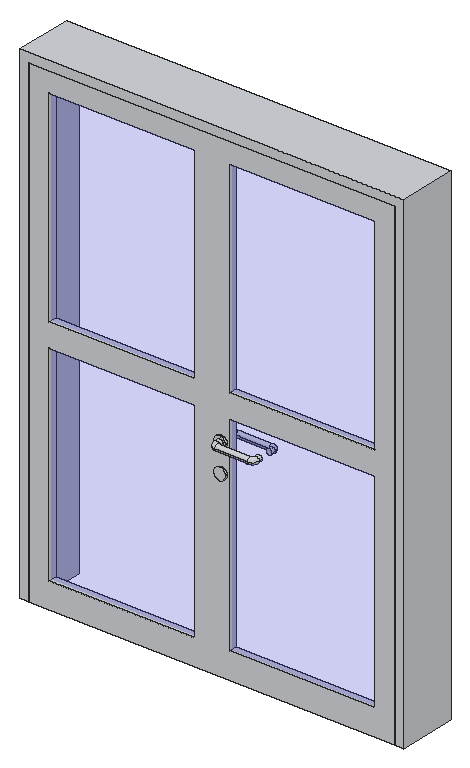
Revit family "Porta de entrada dupla sem revestimento", category Portas, Revit 2019
Family settings
  Hospedeiro = Parede
  Número OmniClass = 23.30.10.00
  Título OmniClass = Doors
  Sempre na vertical = Sim
  Corte com vazios quando carregada = Não
  Compartilhado = Não
  Ponto de cálculo do ambiente = Não
Parameters (values of type "1640 x 2100mm")
  W2 = Width / 2  # 820 mm
  W1 = Width - 2 * Largura da estrutura + 20 mm  # 1560 mm
  Visual Light Transmittance = 0
  Espessura = 35 mm
  Solar Heat Gain Coefficient = 0
  Rough Width = Width  # 1640 mm
  Rough Height = Height  # 2100 mm
  Material do painel = none
  Largura da moldura do painel = 75 mm
  ID do tipo de construção = ""
  Coeficiente de transferência de calor (U) = 3.7021 W/(m²·K)
  Material do puxador = none
  Vidro = none
  Função = Exterior
  Largura da estrutura = 50 mm
  Height = 2100 mm
  Fechamento da parede = Por hospedeiro
  Width = 1640 mm
  Material da moldura = none
  Construção analítica = Metal
Types (5, lengths in mm): name | W2 | W1 | Rough Width | Width
  (no name) | 820 | 1560 | 1640 | 1640
  1840 x 2100mm | 920 | 1760 | 1840 | 1840
  1640 x 2100mm | 820 | 1560 | 1640 | 1640
  1440 x 2100mm | 720 | 1360 | 1440 | 1440
  1240 x 2100mm | 620 | 1160 | 1240 | 1240
Reference planes
  plane 1 "Centro (Frente/Trás)": y = 0
  plane 2 "Centro (Esquerda/Direita)": x = 0
  plane 3 "Esquerda": x = -820
  plane 4 "Direita": x = 820
  plane 5: z = 2100
  plane 6 "Exterior": y = 125
  plane 7 "Interior": y = -125
  plane 8: z = 1050
  plane 9: z = 0
  plane 10: z = 1100
  plane 11: z = 1000
  plane 12: y = -90
  plane 13: z = 110
  plane 14: x = 695
  plane 15: x = -695
  plane 16: x = 770
  plane 17: x = -770
  plane 18: z = 1975
  plane 19: x = 735
  plane 20 "Vidro": y = -107.5
  plane 21: z = 2015
  plane 22: x = -735
  plane 23: z = 1060
  plane 24: z = 1040
  plane 25: z = 70
  plane 26: z = 2050
  plane 27: x = 745
  plane 28: x = -745
  plane 29: z = 2025
  plane 30: z = 1025
  plane 31: x = -732.5
  plane 32: x = -75
  plane 33: x = 75
  plane 34: z = 900
Forms (mm)
  Extrusion 1, solid, material <- "Material do painel", detail levels medium
    sketch origin (0, -125, 0) x (1, 0, 0) y (0, 0, 1)
      loop
        line (770, 2050) -> (-770, 2050) -> (-770, 0) -> (770, 0) -> (770, 2050)
      loop
        line (695, 1975) -> (75, 1975) -> (75, 1100) -> (695, 1100) -> (695, 1975)
      loop
        line (695, 110) -> (695, 1000) -> (75, 1000) -> (75, 110) -> (695, 110)
      loop
        line (-695, 1975) -> (-695, 1100) -> (-75, 1100) -> (-75, 1975) -> (-695, 1975)
      loop
        line (-695, 110) -> (-75, 110) -> (-75, 1000) -> (-695, 1000) -> (-695, 110)
    from -35 to 0
  Extrusion 2, solid, material <- "Vidro", detail levels medium+fine
    sketch origin (0, -107.5, 0) x (-1, 0, 0) y (0, 0, 1)
      loop
        line (735, 70) -> (735, 1040) -> (-735, 1040) -> (-735, 70) -> (735, 70)
      loop
        line (735, 1060) -> (735, 2015) -> (-735, 2015) -> (-735, 1060) -> (735, 1060)
    from -7 to 7
  Extrusion 3, solid, material <- "Vidro", detail levels fine
    sketch origin (0, -107.5, 0) x (-1, 0, 0) y (0, 0, 1)
      loop
        line (735, 70) -> (735, 1040) -> (-735, 1040) -> (-735, 70) -> (735, 70)
      loop
        line (735, 1060) -> (735, 2015) -> (-735, 2015) -> (-735, 1060) -> (735, 1060)
    from -7 to 7
  Extrusion 4, solid, material <- "Material do painel", detail levels coarse
    sketch origin (0, -125, 0) x (1, 0, 0) y (0, 0, 1)
      loop
        line (820, 2100) -> (-820, 2100) -> (-820, 0) -> (820, 0) -> (820, 2100)
      loop
        line (-75, 2025) -> (-745, 2025) -> (-745, 1100) -> (-75, 1100) -> (-75, 2025)
      loop
        line (745, 110) -> (745, 1000) -> (75, 1000) -> (75, 110) -> (745, 110)
      loop
        line (-745, 110) -> (-75, 110) -> (-75, 1000) -> (-745, 1000) -> (-745, 110)
      loop
        line (745, 1100) -> (745, 2025) -> (75, 2025) -> (75, 1100) -> (745, 1100)
    from -35 to 0
  Extrusion 5, solid, material <- "Vidro", detail levels coarse
    sketch origin (0, -107.5, 0) x (-1, 0, 0) y (0, 0, 1)
      loop
        line (745, 70) -> (745, 1040) -> (-745, 1040) -> (-745, 70) -> (745, 70)
      loop
        line (745, 1060) -> (745, 2025) -> (-745, 2025) -> (-745, 1060) -> (745, 1060)
    from -7 to 7
  Sweep 6, solid, material <- "Material da moldura", detail levels medium
    path origin (0, -125, 0) x (1, 0, 0) y (0, 0, 1)
      loop
        line (-820, 0) -> (-820, 2100) -> (820, 2100) -> (820, 0)
    profile origin (820, -125, 1050) x (0, -1, 0) y (1, 0, 0)
      loop
        line (-250, -50) -> (0, -50) -> (0, 0) -> (-250, 0) -> (-250, -50)
  Sweep 7, solid, material <- "Material da moldura", detail levels fine
    path origin (0, -125, 0) x (1, 0, 0) y (0, 0, 1)
      loop
        line (-820, 0) -> (-820, 2100) -> (820, 2100) -> (820, 0)
    profile origin (820, -125, 1050) x (0, -1, 0) y (1, 0, 0)
      loop
        line (-250, -50) -> (-38, -50) -> (-38, -40) -> (0, -40) -> (0, 0) -> (-250, 0) -> (-250, -50)
  Extrusion 8, solid, material <- "Material do painel", detail levels fine
    sketch origin (0, -125, 0) x (1, 0, 0) y (0, 0, 1)
      loop
        line (780, 2060) -> (-780, 2060) -> (-780, 0) -> (780, 0) -> (780, 2060)
      loop
        line (695, 1975) -> (75, 1975) -> (75, 1100) -> (695, 1100) -> (695, 1975)
      loop
        line (695, 110) -> (695, 1000) -> (75, 1000) -> (75, 110) -> (695, 110)
      loop
        line (-695, 1975) -> (-695, 1100) -> (-75, 1100) -> (-75, 1975) -> (-695, 1975)
      loop
        line (-695, 110) -> (-75, 110) -> (-75, 1000) -> (-695, 1000) -> (-695, 110)
    from -35 to 0
Lines and regions (mm)
  Opening 1
    outline origin (-3050, -125, 0) x (1, 0, 0) y (0, 0, 1)
      loop
        line (2230, 0) -> (3870, 0) -> (3870, 2100) -> (2230, 2100) -> (2230, 0)
  symbolic lines, style "DoorsGlassProjection", detail levels medium
    curve 1: line (0, -107.5, 1975) -> (0, -107.5, 1100)
    curve 6: line (0, -107.5, 1000) -> (0, -107.5, 110)
  symbolic lines, style "DoorsGlassProjection", detail levels fine
    curve 2: line (0, -114.5, 1975) -> (0, -114.5, 1100)
    curve 3: line (0, -100.5, 1975) -> (0, -100.5, 1100)
    curve 4: line (0, -114.5, 1000) -> (0, -114.5, 110)
    curve 5: line (0, -100.5, 1000) -> (0, -100.5, 110)
  symbolic lines, style "Giro da elevação", detail levels coarse
    curve 7: line (-820, -107.5, 1050) -> (0, -107.5, 2100)
    curve 8: line (0, -107.5, 2100) -> (820, -107.5, 1050)
    curve 9: line (820, -107.5, 1050) -> (0, -107.5, 0)
    curve 10: line (0, -107.5, 0) -> (-820, -107.5, 1050)
  symbolic lines, style "Giro da elevação", detail levels medium+fine
    curve 11: line (-770, -107.5, 1025) -> (0, -107.5, 2050)
    curve 12: line (0, -107.5, 2050) -> (770, -107.5, 1025)
    curve 13: line (770, -107.5, 1025) -> (0, -107.5, 0)
    curve 14: line (0, -107.5, 0) -> (-770, -107.5, 1025)
  model lines, detail levels coarse
    curve 15: line (0, -125, 2100) -> (0, -125, 0)
    curve 18: line (0, -90, 2100) -> (0, -90, 0)
  model lines, detail levels fine
    curve 16: line (0, -125, 2060) -> (0, -125, 0)
  model lines, detail levels medium
    curve 17: line (0, -125, 2050) -> (0, -125, 0)
  model lines, detail levels medium+fine
    curve 19: line (0, -90, 2060) -> (0, -90, 0)
Text (mm)
  text "Externo" at (-2295.016, 1099.543, 0), in view "Nível de referência"
  text "Externo" at (0, 1615.38, 3698.081), in view "Esquerda"
  text "Externo" at (0, 1036.032, 3874.932), in view "Direita"
Dimensions and locks
  equal spacing: plane 3 "Esquerda", plane 2 "Centro (Esquerda/Direita)", plane 4 "Direita"
  "Width": plane 3 "Esquerda" to plane 4 "Direita"
  "Height": host wall to plane 5
  host wall to plane 5 = 2100 mm
  locked: plane 6 "Exterior" to host wall at 0
  locked: plane 7 "Interior" to host wall
  equal spacing: plane 9, plane 8, plane 5
  equal spacing: plane 11, plane 8, plane 10
  locked: plane 11 to plane 10 at 100
  "Espessura": plane 12 to plane 7 "Interior"
  locked: plane 9 to plane 13 at 110
  "Largura da estrutura": plane 16 to plane 4 "Direita"
  "Largura da estrutura": plane 3 "Esquerda" to plane 17
  locked: plane 14 to plane 19 at 40
  equal spacing: plane 12, plane 20 "Vidro", plane 7 "Interior"
  locked: plane 22 to plane 15 at 40
  plane 7 "Interior" to plane 6 "Exterior" = 250 mm
  "Largura da estrutura": plane 5 to plane 26
  locked: plane 18 to plane 21 at 40
  locked: plane 23 to plane 10 at 40
  locked: plane 11 to plane 24 at 40
  equal spacing: curve 3, plane 20 "Vidro", curve 2
  locked: curve 3 to curve 2 at 14
  "Largura da moldura do painel": plane 17 to plane 15
  "Largura da moldura do painel": plane 14 to plane 16
  "Largura da moldura do painel": plane 18 to plane 26
  locked: plane 25 to plane 13 at 40
  "Largura da moldura do painel": plane 27 to plane 4 "Direita"
  "Largura da moldura do painel": plane 3 "Esquerda" to plane 28
  "Largura da moldura do painel": plane 29 to plane 5
  equal spacing: plane 9, plane 30, plane 26
  plane 9 to nested 1 = 900 mm
  equal spacing: plane 17, plane 31, plane 15
  locked: plane 16 to Sweep 7 sketch curve at 10
  locked: Sweep 7 sketch curve to plane 12 at 3
  "Largura da moldura do painel": plane 2 "Centro (Esquerda/Direita)" to plane 32
  "Largura da moldura do painel": plane 33 to plane 2 "Centro (Esquerda/Direita)"
  locked: plane 34 to plane 9 at 900
  aligned and locked: plane 3 "Esquerda" to Opening 1 sketch curve
  aligned and locked: plane 5 to Opening 1 sketch curve  (x2)
  aligned and locked: Opening 1 sketch curve to plane 4 "Direita"
  aligned and locked: Opening 1 sketch curve to level
  aligned and locked: plane 1 "Centro (Frente/Trás)" to host wall
  aligned and locked: level to plane 9
  aligned and locked: plane 7 "Interior" to Extrusion 1
  aligned and locked: plane 12 to Extrusion 1
  aligned and locked: Extrusion 1 sketch curve to plane 18
  aligned and locked: Extrusion 1 sketch curve to plane 14  (x2)
  aligned and locked: Extrusion 1 sketch curve to plane 15  (x2)
  aligned and locked: Extrusion 1 sketch curve to plane 10
  aligned and locked: Extrusion 1 sketch curve to plane 11
  aligned and locked: plane 13 to Extrusion 1 sketch curve
  aligned and locked: Extrusion 2 sketch curve to plane 25
  aligned and locked: plane 22 to Extrusion 2 sketch curve  (x2)
  aligned and locked: Extrusion 2 sketch curve to plane 24
  aligned and locked: plane 19 to Extrusion 2 sketch curve  (x2)
  aligned and locked: Extrusion 2 sketch curve to plane 23
  aligned and locked: Extrusion 2 sketch curve to plane 21
  aligned and locked: plane 9 to Extrusion 1 sketch curve
  aligned: plane 8 to nested 1
  aligned: nested 1 to plane 19
  aligned and locked: plane 20 "Vidro" to curve 1
  aligned and locked: Extrusion 3 sketch curve to plane 22  (x2)
  aligned and locked: Extrusion 1 sketch curve to plane 16
  aligned and locked: Extrusion 1 sketch curve to plane 17
  aligned and locked: Extrusion 1 sketch curve to plane 26
  aligned and locked: plane 4 "Direita" to Extrusion 4 sketch curve
  aligned and locked: plane 27 to Extrusion 4 sketch curve  (x2)
  aligned and locked: plane 5 to Extrusion 4 sketch curve
  aligned and locked: plane 29 to Extrusion 4 sketch curve
  aligned and locked: Extrusion 4 sketch curve to plane 3 "Esquerda"
  aligned and locked: plane 28 to Extrusion 4 sketch curve  (x2)
  aligned and locked: plane 27 to Extrusion 5 sketch curve  (x2)
  aligned and locked: plane 29 to Extrusion 5 sketch curve
  aligned and locked: plane 28 to Extrusion 5 sketch curve  (x2)
  aligned and locked: nested 2 to plane 7 "Interior"
  aligned and locked: nested 2 to plane 4 "Direita"
  aligned and locked: plane 4 "Direita" to Sweep 6 sketch curve  (x2)
  aligned and locked: plane 5 to Sweep 6 sketch curve
  aligned and locked: plane 3 "Esquerda" to Sweep 6 sketch curve
  aligned and locked: plane 6 "Exterior" to Sweep 6 sketch curve
  aligned and locked: Sweep 6 sketch curve to plane 7 "Interior"
  aligned and locked: plane 16 to Sweep 6 sketch curve
  aligned and locked: plane 4 "Direita" to Sweep 7 sketch curve  (x2)
  aligned and locked: plane 5 to Sweep 7 sketch curve
  aligned and locked: plane 3 "Esquerda" to Sweep 7 sketch curve
  aligned and locked: plane 6 "Exterior" to Sweep 7 sketch curve
  aligned and locked: plane 16 to Sweep 7 sketch curve
  aligned and locked: Sweep 7 sketch curve to plane 7 "Interior"
  aligned and locked: Extrusion 8 sketch curve to Sweep 7  (x3)
  aligned and locked: plane 7 "Interior" to nested 3
  aligned and locked: Extrusion 8 to nested 3
  aligned and locked: Extrusion 4 sketch curve to plane 32
  aligned and locked: Extrusion 4 sketch curve to plane 33
  aligned and locked: Extrusion 4 sketch curve to plane 29
  aligned and locked: Extrusion 8 sketch curve to plane 32  (x2)
  aligned and locked: Extrusion 8 sketch curve to plane 33  (x2)
  aligned and locked: Extrusion 1 sketch curve to plane 32  (x2)
  aligned and locked: Extrusion 1 sketch curve to plane 33  (x2)
  aligned and locked: plane 10 to Extrusion 1 sketch curve
  aligned and locked: plane 11 to Extrusion 1 sketch curve
  aligned and locked: Extrusion 1 sketch curve to plane 13
  aligned and locked: nested 1 to plane 34
  aligned and locked: nested 1 to plane 20 "Vidro"
  aligned and locked: plane 8 to curve 10
  aligned and locked: plane 3 "Esquerda" to curve 10
  aligned and locked: plane 5 to curve 8
  aligned and locked: plane 2 "Centro (Esquerda/Direita)" to curve 8
  aligned and locked: plane 8 to curve 9
  aligned and locked: plane 4 "Direita" to curve 9
  aligned and locked: plane 30 to curve 14
  aligned and locked: plane 17 to curve 14
  aligned and locked: plane 2 "Centro (Esquerda/Direita)" to curve 12
  aligned and locked: plane 30 to curve 13
  aligned and locked: plane 16 to curve 13
  aligned and locked: plane 9 to curve 14
  aligned and locked: plane 2 "Centro (Esquerda/Direita)" to curve 14
  aligned and locked: plane 5 to curve 15
  aligned and locked: plane 9 to curve 15
  aligned and locked: curve 15 to plane 2 "Centro (Esquerda/Direita)"
  aligned and locked: Extrusion 8 to curve 16
  aligned and locked: curve 16 to plane 2 "Centro (Esquerda/Direita)"
  aligned and locked: Sweep 6 to curve 12
  aligned and locked: Sweep 6 to curve 17
  aligned and locked: plane 5 to curve 18
  aligned and locked: Extrusion 8 to curve 19
  aligned and locked: plane 9 to curve 19
  aligned and locked: plane 9 to curve 18
  aligned and locked: plane 2 "Centro (Esquerda/Direita)" to curve 19
  aligned and locked: plane 2 "Centro (Esquerda/Direita)" to curve 18
  aligned and locked: Extrusion 8 to plane 12
  aligned and locked: Extrusion 4 to plane 12
  aligned and locked: plane 18 to curve 1
Automatic sketch dimensions
  plane 19 to Extrusion 3 sketch curve = 0 mm  (x2)
  Extrusion 3 sketch curve to plane 25 = 0 mm
  Extrusion 3 sketch curve to plane 24 = 0 mm
  Extrusion 3 sketch curve to plane 23 = 0 mm
  Extrusion 3 sketch curve to plane 21 = 0 mm
  Extrusion 4 sketch curve to plane 11 = 0 mm  (x2)
  Extrusion 4 sketch curve to plane 32 = 0 mm
  plane 33 to Extrusion 4 sketch curve = 0 mm
  Extrusion 4 sketch curve to level = 0 mm
  Extrusion 4 sketch curve to plane 13 = 0 mm  (x2)
  Extrusion 4 sketch curve to plane 10 = 0 mm  (x2)
  Extrusion 5 sketch curve to plane 25 = 0 mm
  Extrusion 5 sketch curve to plane 24 = 0 mm
  Extrusion 5 sketch curve to plane 23 = 0 mm
  Sweep 6 sketch curve to level = 0 mm  (x2)
  Sweep 7 sketch curve to level = 0 mm  (x2)
  Extrusion 8 sketch curve to plane 10 = 0 mm  (x2)
  plane 15 to Extrusion 8 sketch curve = 0 mm  (x2)
  Extrusion 8 sketch curve to plane 11 = 0 mm  (x2)
  Extrusion 8 sketch curve to plane 14 = 0 mm  (x2)
  Extrusion 8 sketch curve to level = 0 mm
  Extrusion 8 sketch curve to plane 13 = 0 mm
  Extrusion 8 sketch curve to plane 18 = 0 mm  (x2)
  Extrusion 8 sketch curve to Extrusion 8 sketch curve = 0 mm
  Extrusion 1 sketch curve to plane 18 = 0 mm
  curve 17 to plane 2 "Centro (Esquerda/Direita)" = 0 mm
  curve 16 to level = 0 mm
  curve 17 to level = 0 mm
  curve 4 to plane 13 = 0 mm
  curve 4 to plane 11 = 0 mm
  curve 6 to plane 11 = 0 mm
  curve 6 to plane 20 "Vidro" = 0 mm
  curve 5 to plane 13 = 0 mm
  curve 5 to plane 11 = 0 mm
  curve 6 to plane 13 = 0 mm
  curve 1 to plane 10 = 0 mm
  curve 2 to plane 10 = 0 mm
  curve 3 to plane 10 = 0 mm
  curve 2 to plane 18 = 0 mm
  curve 3 to plane 18 = 0 mm
  curve 4 to curve 6 = 7 mm
  plane 20 "Vidro" to curve 5 = 7 mm
Nested families
  nested 1: "Maçaneta da porta 1" at (40, -113.114, 730), type "Puxador horizontal", detail levels fine
  nested 2: "Porta única_Giro da planta 3" at (0, -125, 0) x (-1, 0, 0) z (0, 0, 1), type "Porta única_Giro da planta 3"
  nested 3: "Porta única_Giro da planta 3" at (0, -125, 0), type "Porta única_Giro da planta 3"
Definition of nested family "Maçaneta da porta 1"
  Parameters
    Espessura do painel = 35 mm
    Distância do furo da trava = 120 mm
    Com furo para trava = yes
    Material do puxador = none
    Function = (empty or 0)
  Reference planes
    plane 1 "Centro (Frente/Trás)": y = 5.614
    plane 2: z = 0
    plane 3 "Centro (Esquerda/Direita)": x = 0
    plane 4 "Topo do puxador": z = 170
    plane 5: z = 50
    plane 6: y = -11.886
    plane 7: y = 23.114
  Forms (mm)
    Extrusion 1, solid, material <- "Material do puxador"
      sketch origin (0, 5.614, 0) x (1, 0, 0) y (0, 0, 1)
        loop
          circle (0, 170) r 25
      from 17.5 to 25.5
    Extrusion 2, solid, material <- "Material do puxador", visible <- "Com furo para trava"
      sketch origin (0, 0, -120) x (1, 0, 0) y (0, 0, 1)
        loop
          circle (0, 170) r 25
      from 11.886 to 19.886
    Sweep 3, solid, material <- "Material do puxador"
      path origin (0, 0, 1000) x (0, -1, 0) y (1, 0, 0)
        loop
          line (19.886, 0) -> (36.886, 0)
          arc (36.886, 0) -> (47.493, 4.393) -> (51.886, 15) r 15
          line (51.886, 15) -> (51.886, 155)
          arc (51.886, 155) -> (47.493, 165.607) -> (36.886, 170) r 15
          line (36.886, 170) -> (21.886, 170)
      profile origin (0, -28.386, 0) x (1, 0, 0) y (0, 0, 1)
        loop
          circle (0, 170) r 12
    Extrusion 4, solid, material <- "Material do puxador"
      sketch origin (0, 5.614, 0) x (1, 0, 0) y (0, 0, -1)
        loop
          circle (0, -170) r 25
      from 17.5 to 25.5
    Extrusion 5, solid, material <- "Material do puxador", visible <- "Com furo para trava"
      sketch origin (0, 11.228, -120) x (1, 0, 0) y (0, 0, -1)
        loop
          circle (0, -170) r 25
      from 11.886 to 19.886
    Sweep 6, solid, material <- "Material do puxador"
      path origin (0, 11.228, 1000) x (0, -1, 0) y (1, 0, 0)
        loop
          line (-19.886, 0) -> (-36.886, 0)
          arc (-36.886, 0) -> (-47.493, 4.393) -> (-51.886, 15) r 15
          line (-51.886, 15) -> (-51.886, 155)
          arc (-51.886, 155) -> (-47.493, 165.607) -> (-36.886, 170) r 15
          line (-36.886, 170) -> (-21.886, 170)
      profile origin (0, 39.614, 0) x (-1, 0, 0) y (0, 0, 1)
        loop
          circle (0, 170) r 12
  Dimensions and locks
    "Distância do furo da trava": plane 4 "Topo do puxador" to plane 5
    locked: Sweep 3 sketch curve to Sweep 3 sketch curve at 170
    locked: plane 4 "Topo do puxador" to plane 2 at 170
    equal spacing: plane 7, plane 1 "Centro (Frente/Trás)", plane 6
    "Espessura do painel": plane 7 to plane 6
    locked: Extrusion 2 to Extrusion 2 at 8
    locked: Extrusion 1 to Extrusion 1 at 8
    locked: plane 6 to Sweep 3 sketch curve at 25
    locked: plane 6 to Sweep 3 sketch curve at 40
    locked: Sweep 6 sketch curve to Sweep 6 sketch curve at 170
    locked: Extrusion 5 to Extrusion 5 at 8
    locked: Extrusion 4 to Extrusion 4 at 8
    locked: plane 7 to Sweep 6 sketch curve at 40
    locked: Sweep 6 sketch curve to plane 7 at 25
    locked: Sweep 6 sketch curve to Sweep 6 sketch curve at 15
    locked: Sweep 6 sketch curve to plane 7 at 10
    plane 6 to Sweep 3 sketch curve to Sweep 3 sketch curve = 10 mm locked, 15 mm locked
    radius of Sweep 3 sketch curve = 15 mm  (x2)
    radius of Extrusion 2 sketch curve = 25 mm
    radius of Sweep 3 sketch curve = 12 mm
    radius of Sweep 6 sketch curve = 15 mm  (x2)
    radius of Extrusion 5 sketch curve = 25 mm
    radius of Sweep 6 sketch curve = 12 mm
    radius of Extrusion 4 sketch curve = 25 mm
    aligned and locked: plane 4 "Topo do puxador" to Sweep 3 sketch curve
    aligned and locked: plane 3 "Centro (Esquerda/Direita)" to Sweep 3 sketch curve
    aligned and locked: plane 3 "Centro (Esquerda/Direita)" to Extrusion 2 sketch curve
    aligned and locked: plane 6 to Extrusion 2
    aligned and locked: plane 3 "Centro (Esquerda/Direita)" to Extrusion 1 sketch curve
    aligned and locked: plane 4 "Topo do puxador" to Extrusion 1 sketch curve
    aligned and locked: plane 6 to Extrusion 1
    aligned and locked: Extrusion 1 to plane 6
    aligned and locked: Extrusion 4 to plane 7
    aligned and locked: Extrusion 5 to plane 7
    aligned and locked: plane 5 to Extrusion 5 sketch curve
    aligned and locked: plane 3 "Centro (Esquerda/Direita)" to Extrusion 5 sketch curve
    aligned and locked: plane 4 "Topo do puxador" to Extrusion 4 sketch curve
    aligned and locked: plane 3 "Centro (Esquerda/Direita)" to Extrusion 4 sketch curve
    aligned and locked: Extrusion 4 to Sweep 6 sketch curve
    aligned and locked: Extrusion 1 to Sweep 3 sketch curve
  Automatic sketch dimensions
    Extrusion 2 sketch curve to plane 5 = 0 mm
    Sweep 3 sketch curve to plane 3 "Centro (Esquerda/Direita)" = 0 mm
    Sweep 6 sketch curve to plane 3 "Centro (Esquerda/Direita)" = 0 mm
    Sweep 6 sketch curve to profile plane = 0 mm
    radius of Extrusion 1 sketch curve = 25 mm
Definition of nested family "Porta única_Giro da planta 3"
  Parameters
    Width = 620 mm
    Thickness = 35 mm
    Rough Width = Width  # 620 mm
    Rough Height = Height  # 2100 mm
    Largura da moldura do painel = 75 mm
    Height = 2100 mm
    Largura da estrutura = 50 mm
  Reference planes
    plane 1 "Centro (Frente/Trás)": y = 0
    plane 2: z = 0
    plane 3 "Centro (Esquerda/Direita)": x = 0
    plane 4: x = -620
    plane 5: x = -585
    plane 6: y = 620
    plane 7: y = 570
    plane 8: y = 75
    plane 9: x = -602.5
    plane 10: y = 35
    plane 11: x = -570
    plane 12: x = -535
    plane 13: y = 520
    plane 14: y = 495
    plane 15: y = 545
    plane 16: x = -552.5
    plane 17: z = 2100
    plane 18: x = -50
    plane 19: x = -580
    plane 20: y = 505
    plane 21: x = -562.5
    plane 22: y = 580
    plane 23: y = 545
  Lines and regions (mm)
    Masking region 1, detail levels medium
      outline origin (80, -75, 0) x (1, 0, 0) y (0, 1, 0)
        loop
          line (-650, 645) -> (-650, 75) -> (-615, 75) -> (-615, 645) -> (-650, 645)
    Masking region 2, detail levels coarse
      outline origin (0, 0, 0) x (1, 0, 0) y (0, 1, 0)
        loop
          line (-620, 620) -> (-620, 0) -> (-585, 0) -> (-585, 620) -> (-620, 620)
    Masking region 3, detail levels fine
      outline origin (0, 0, 0) x (1, 0, 0) y (0, 1, 0)
        loop
          line (-580, 580) -> (-580, 0) -> (-545, 0) -> (-545, 580) -> (-580, 580)
    symbolic lines, detail levels coarse
      curve 1: line (-620, 0, 0) -> (-620, 75, 0)
      curve 2: line (-585, 620, 0) -> (-585, 545, 0)
      curve 3: line (-585, 0, 0) -> (-620, 0, 0)
      curve 7: line (-585, 620, 0) -> (-620, 620, 0)
      curve 15: arc (-620, 620, 0) -> (-181.594, 438.406, 0) -> (0, 0, 0) r 620
      curve 17: line (-620, 545, 0) -> (-620, 620, 0)
      curve 18: line (-620, 75, 0) -> (-620, 545, 0)
      curve 19: line (-585, 75, 0) -> (-585, 0, 0)
      curve 20: line (-585, 545, 0) -> (-585, 75, 0)
      curve 37: line (-585, 545, 0) -> (-620, 545, 0)
      curve 38: line (-585, 75, 0) -> (-620, 75, 0)
    symbolic lines, detail levels medium
      curve 4: line (-570, 570, 0) -> (-535, 570, 0)
      curve 5: line (-535, 570, 0) -> (-535, 495, 0)
      curve 6: line (-535, 0, 0) -> (-570, 0, 0)
      curve 12: line (-570, 75, 0) -> (-535, 75, 0)
      curve 13: line (-535, 495, 0) -> (-570, 495, 0)
      curve 14: line (-552.5, 495, 0) -> (-552.5, 75, 0)
      curve 21: line (-570, 75, 0) -> (-570, 495, 0)
      curve 22: line (-570, 495, 0) -> (-570, 570, 0)
      curve 23: line (-535, 495, 0) -> (-535, 75, 0)
      curve 33: line (-535, 75, 0) -> (-535, 0, 0)
      curve 34: line (-570, 0, 0) -> (-570, 75, 0)
      curve 36: arc (-570, 570, 0) -> (-166.949, 403.051, 0) -> (0, 0, 0) r 570
    symbolic lines, detail levels fine
      curve 8: line (-555.5, 545, 0) -> (-555.5, 35, 0)
      curve 9: line (-569.5, 35, 0) -> (-569.5, 545, 0)
      curve 10: line (-555.5, 35, 0) -> (-569.5, 35, 0)
      curve 11: line (-569.5, 545, 0) -> (-555.5, 545, 0)
      curve 24: line (-569.5, 75, 0) -> (-570, 75, 0)
      curve 25: line (-580, 0, 0) -> (-580, 580, 0)
      curve 26: line (-545, 580, 0) -> (-545, 0, 0)
      curve 27: line (-580, 580, 0) -> (-545, 580, 0)
      curve 28: line (-569.5, 505, 0) -> (-580, 505, 0)
      curve 29: line (-555.5, 505, 0) -> (-545, 505, 0)
      curve 30: line (-545, 0, 0) -> (-580, 0, 0)
      curve 31: line (-555.5, 75, 0) -> (-545, 75, 0)
      curve 32: line (-580, 75, 0) -> (-569.5, 75, 0)
      curve 35: arc (-580, 580, 0) -> (-169.878, 410.122, 0) -> (0, 0, 0) r 580
    model lines
      curve 16: line (-620, 0, 0) -> (-620, 0, 2100)
  Dimensions and locks
    "Thickness": plane 4 to plane 5
    "Largura da estrutura": plane 6 to plane 7
    locked: plane 8 to plane 10 at 40
    "Largura da estrutura": plane 4 to plane 11
    "Thickness": plane 11 to plane 12
    "Width": plane 1 "Centro (Frente/Trás)" to plane 6
    equal spacing: plane 11, plane 16, plane 12
    equal spacing: plane 4, plane 9, plane 5
    "Width": plane 4 to plane 3 "Centro (Esquerda/Direita)"
    "Largura da moldura do painel": plane 8 to plane 1 "Centro (Frente/Trás)"
    "Height": plane 17 to plane 2
    "Largura da estrutura": plane 18 to plane 3 "Centro (Esquerda/Direita)"
    equal spacing: plane 6, plane 7, plane 13
    locked: curve 26 to plane 12 at 10
    locked: plane 19 to plane 11 at 10
    locked: plane 21 to plane 16 at 10
    equal spacing: curve 9, plane 21, curve 8
    locked: curve 9 to curve 8 at 14
    "Largura da moldura do painel": plane 7 to plane 14
    locked: plane 22 to plane 7 at 10
    locked: plane 20 to plane 14 at 10
    locked: plane 15 to plane 20 at 40
    "Largura da moldura do painel": plane 6 to plane 23
    aligned and locked: level to plane 2
    aligned and locked: curve 1 to plane 4
    aligned and locked: curve 5 to plane 12
    aligned and locked: curve 6 to plane 1 "Centro (Frente/Trás)"
    aligned and locked: Masking region 2 sketch curve to plane 1 "Centro (Frente/Trás)"
    aligned and locked: Masking region 2 sketch curve to plane 4
    aligned and locked: Masking region 2 sketch curve to plane 5
    aligned and locked: Masking region 2 sketch curve to plane 6
    aligned and locked: plane 6 to curve 17
    aligned and locked: Masking region 1 sketch curve to plane 12
    aligned and locked: plane 11 to Masking region 1 sketch curve
    aligned and locked: Masking region 1 sketch curve to plane 1 "Centro (Frente/Trás)"
    aligned and locked: plane 6 to curve 2
    aligned and locked: plane 6 to Masking region 2
    aligned and locked: Masking region 2 to plane 4
    aligned and locked: plane 5 to Masking region 2
    aligned and locked: Masking region 1 to plane 11
    aligned and locked: plane 12 to Masking region 1
    aligned and locked: curve 3 to plane 1 "Centro (Frente/Trás)"
    aligned and locked: plane 1 "Centro (Frente/Trás)" to Masking region 1
    aligned and locked: curve 12 to plane 8
    aligned and locked: plane 14 to curve 13
    aligned and locked: plane 17 to curve 16
    aligned and locked: curve 33 to plane 12
    aligned and locked: plane 11 to curve 34
    aligned and locked: Masking region 3 sketch curve to curve 25
    aligned and locked: curve 26 to Masking region 3 sketch curve
    aligned and locked: Masking region 3 sketch curve to curve 30
    aligned and locked: plane 10 to curve 10
    aligned and locked: Masking region 3 to plane 19
    aligned and locked: plane 20 to curve 28
    aligned and locked: curve 29 to plane 20
    aligned and locked: plane 19 to curve 35  (x2)
    aligned and locked: plane 1 "Centro (Frente/Trás)" to curve 35  (x2)
    aligned and locked: curve 4 to plane 7
    aligned and locked: plane 22 to Masking region 3
    aligned and locked: plane 1 "Centro (Frente/Trás)" to curve 36  (x2)
    aligned and locked: plane 11 to curve 36
    aligned and locked: curve 22 to curve 36
    aligned and locked: plane 7 to Masking region 1
    aligned and locked: curve 27 to plane 22
    aligned and locked: curve 11 to plane 15
    aligned and locked: plane 16 to curve 14
    aligned and locked: curve 37 to plane 23
    aligned and locked: curve 37 to plane 4
    aligned and locked: plane 5 to curve 37
    aligned and locked: plane 8 to curve 38
  Automatic sketch dimensions
    plane 4 to curve 16 = 0 mm
    curve 16 to level = 0 mm
    plane 13 to Masking region 3 sketch curve = 60 mm
    Masking region 1 sketch curve to plane 7 = 0 mm
    plane 1 "Centro (Frente/Trás)" to curve 26 = 0 mm
    curve 31 to plane 8 = 0 mm
    curve 32 to plane 8 = 0 mm
